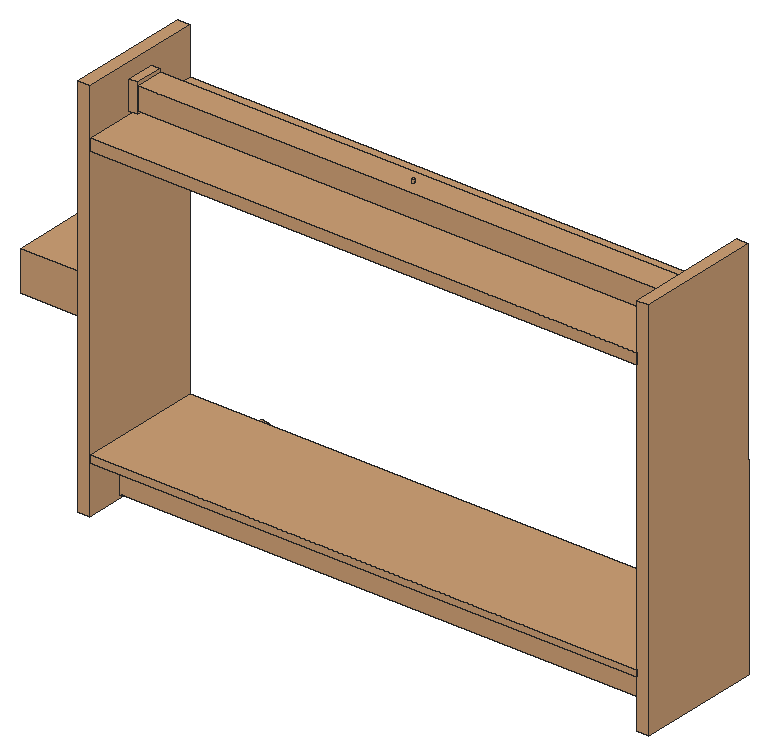
Revit family
Parameters
  Center of Unit = 0' - 0"  # constant formula
  Total Heating Capacity [instance] = 0.0 Btu/h
  Series = "VIFB"
  Outlet Area = 32.20 SF
  Lower Frame Thickness = if(Headers Height = 0' 3", 0' 1 1/4", if(Headers Height = 0' 3 1/4", 0' 1 1/4", 0' 0"))  # 0' - 1 1/4"
  Water Pressure Drop [instance] = 0.00 psi
  Water Flow [instance] = 0 GPM
  Unit Weight (lbs) = 1106
  URL = "http://www.ljwing.com/"
  Water Outlet Radius = 0' - 1 1/2"
  Headers Height = if(M = 0' 1", 0' 3", if(M = 0' 1 1/2", 0' 3 1/4", 0' 0"))  # 0' - 3 1/4"
  Number of Rows = 2  # constant formula
  Number of Coils [instance] = 0
  Nominal Length = 8' - 4 1/2"
  N = 1' - 0 3/4"
  Model = "VC-9W"
  Manufacturer = "LJ Wing"
  M = 0' - 1 1/2"
  Leaving Water Temperature [instance] = 0 °F
  Leaving Air Temperature [instance] = 0 °F
  Entering Water Temperature [instance] = 0 °F
  Entering Air Temperature [instance] = 0 °F
  Description = "Vertical Integral Face & Bypass Water Heating Coils"
  Hot Water Inlet  Radius = 0' - 1 1/2"
  Coil Face Area = Outlet Area * 0.56  # 18.032 SF
  Casing Material = ""
  Assembly Code = "D3020300"
  Air Vent Radius = 0' - 0 1/4"
  Air Pressure Drop [instance] = 0.00 in-wg
  Air Inlet Width = Nominal Length - 0' 4"  # 8' - 0 1/2"
  Air Inlet Height = Y  # 4' - 0"
  Air Flow [instance] = 0 CFM
  Y = 4' - 0"
  S = 0' - 9 3/4"  # constant formula
  Product URL = "http://www.ljwing.com/html/vifb.asp"
  OmniClass = "23-75 70 21 14"
  Nominal Height = 5' - 8"
  Nominal Depth = 1' - 10"
  R = 0' - 10 1/4"  # constant formula
  Q = 0' - 5 1/4"
Reference planes (in)
  plane 1 "Center (Front/Back)": y = 0
  plane 2: z = -24
  plane 3 "Center (Left/Right)": x = 0
  plane 4: z = 34.25
  plane 5: x = -50.25
  plane 6: x = 50.25
  plane 7: z = -33.75
  plane 8: z = 0
  plane 9: y = -11
  plane 10: y = 11
  plane 11: z = 24
  plane 12: z = 26
  plane 13: z = -25.25
  plane 14: x = 48.25
  plane 15: x = -48.25
  plane 16: x = -45
  plane 17: x = 45
  plane 18: y = 14.0625
  plane 19: x = -61.25
  plane 20: z = 31.125
  plane 21: z = 27.125
  plane 22: y = -2.5
  plane 23: y = 2.5
  plane 24: y = -4.5
  plane 25: z = -31.375
  plane 26: x = -37.5
  plane 27: x = 37.5
  plane 28: z = -27.375
Forms (in)
  Extrusion 1, solid, material "Painted Finish"
    sketch origin (0, 6, -9.75) x (1, 0, 0) y (0, 0, 1)
      loop
        line (-50.25, -24) -> (-48.25, -24) -> (-48.25, 44) -> (-50.25, 44) -> (-50.25, -24)
      loop
        line (50.25, -24) -> (50.25, 44) -> (48.25, 44) -> (48.25, -24) -> (50.25, -24)
    from -5 to 17
  Extrusion 2, solid, material "Painted Finish"
    sketch origin (0, 6, 0) x (1, 0, 0) y (0, 0, 1)
      loop
        line (48.25, -24) -> (-48.25, -24) -> (-48.25, -25.25) -> (48.25, -25.25) -> (48.25, -24)
      loop
        line (48.25, 24) -> (48.25, 26) -> (-48.25, 26) -> (-48.25, 24) -> (48.25, 24)
    from -5 to 17
  Extrusion 3, solid, material "Painted Finish"
    sketch origin (0, 10, -0.5) x (1, 0, 0) y (0, 0, 1)
      loop
        line (-50.25, 4) -> (-61.25, 4) -> (-61.25, -3) -> (-50.25, -3) -> (-50.25, 4)
    from 0 to 20
  Extrusion 4, solid, material "Painted Finish"
    sketch origin (0, 6, 0) x (1, 0, 0) y (0, 0, 1)
      loop
        line (-46.625, 31.125) -> (-46.625, 27.125) -> (46.625, 27.125) -> (46.625, 31.125) -> (-46.625, 31.125)
    from 3.5 to 8.5
  Extrusion 5, solid, material "Painted Finish"
    sketch origin (0, 0, 0) x (1, 0, 0) y (0, 0, 1)
      loop
        line (-46.625, 26.625) -> (-46.625, 31.625) -> (-48.25, 31.625) -> (-48.25, 26.625) -> (-46.625, 26.625)
      loop
        line (48.25, 26.625) -> (48.25, 31.625) -> (46.625, 31.625) -> (46.625, 26.625) -> (48.25, 26.625)
    from -2.5 to 2.5
  Extrusion 6, solid, material "Painted Finish"
    sketch origin (0, 6, 0) x (1, 0, 0) y (0, 0, 1)
      loop
        line (-47.75, -25.75) -> (-47.75, -25.5) -> (-48.25, -25.5) -> (-48.25, -29.25) -> (-47.75, -29.25) -> (-47.75, -29) -> (47.75, -29) -> (47.75, -29.25) -> (48.25, -29.25) -> (48.25, -25.5) -> (47.75, -25.5) -> (47.75, -25.75) -> (-47.75, -25.75)
      loop
        line (47.75, -33) -> (47.75, -33.125) -> (48.25, -33.125) -> (48.25, -29.5) -> (47.75, -29.5) -> (47.75, -29.75) -> (-47.75, -29.75) -> (-47.75, -29.5) -> (-48.25, -29.5) -> (-48.25, -33.25) -> (-47.75, -33.25) -> (-47.75, -33) -> (47.75, -33)
    from -5 to 10.5
  Extrusion 7, void
    sketch origin (0, 0, 0) x (1, 0, 0) y (0, 0, 1)
      loop
        line (-48.25, 24) -> (-48.25, -24) -> (48.25, -24) -> (48.25, 24) -> (-48.25, 24)
    from -11 to 11
  Extrusion 8, solid, material "Painted Finish"
    sketch origin (0, 0, 0) x (1, 0, 0) y (0, 0, 1)
      loop
        circle (37.5, -31.375) r 1.5
      loop
        circle (-37.5, -27.375) r 1.5
    from -14.0625 to -11
  Extrusion 9, solid, material "Painted Finish"
    sketch origin (0, 0, 0) x (1, 0, 0) y (0, 1, 0)
      loop
        circle (0, 0) r 0.25
    from 31.125 to 31.625
Cuts and joins
  Extrusion 7 cuts Extrusion 1
  Extrusion 7 cuts Extrusion 2
Dimensions and locks (in)
  "Nominal Length": plane 6 to plane 5
  equal spacing: plane 6, plane 3 "Center (Left/Right)", plane 5
  "S": plane 2 to plane 7
  "Nominal Depth": plane 10 to plane 9
  equal spacing: plane 10, plane 1 "Center (Front/Back)", plane 9
  "Y": plane 11 to plane 2
  "R": plane 4 to plane 11
  locked: plane 12 to plane 11 at 2
  "Lower Frame Thickness": plane 2 to plane 13
  "Q": plane 16 to plane 5
  "Q": plane 6 to plane 17
  locked: plane 18 to plane 10 at 3.0625
  locked: plane 5 to plane 19 at 11
  locked: Extrusion 3 sketch curve to Extrusion 3 sketch curve at 7
  locked: Extrusion 3 to Extrusion 3 at 20
  locked: plane 6 to plane 14 at 2
  locked: plane 15 to plane 5 at 2
  locked: Extrusion 5 sketch curve to plane 20 at 0.5
  locked: plane 21 to Extrusion 5 sketch curve at 0.5
  locked: plane 20 to plane 21 at 4
  locked: plane 23 to plane 22 at 5
  equal spacing: plane 23, plane 1 "Center (Front/Back)", plane 22
  locked: plane 22 to plane 24 at 2
  plane 4 to plane 7 = 5' - 8"
  locked: Extrusion 5 sketch curve to Extrusion 1 at 1.625
  locked: Extrusion 5 sketch curve to Extrusion 5 sketch curve at 1.625
  locked: Extrusion 7 sketch curve to plane 11 at 0
  locked: Extrusion 7 sketch curve to plane 15 at 0
  locked: Extrusion 7 sketch curve to plane 14 at 0
  locked: plane 15 to Extrusion 6 sketch curve at 0.5
  locked: Extrusion 6 sketch curve to Extrusion 6 sketch curve at 0.25  (x2)
  locked: plane 25 to plane 7 at 2.375
  "N": plane 26 to plane 5
  "N": plane 6 to plane 27
  locked: plane 28 to plane 7 at 6.375
  "Headers Height": Extrusion 6 sketch curve to Extrusion 6 sketch curve  (x2)
  locked: Extrusion 8 sketch curve to plane 25 at 0
  locked: Extrusion 8 sketch curve to plane 28 at 0
  locked: Extrusion 9 sketch curve to plane 1 "Center (Front/Back)" at 0
  locked: Extrusion 9 sketch curve to plane 3 "Center (Left/Right)" at 0
  equal spacing: Extrusion 6 sketch curve, plane 28, Extrusion 6 sketch curve
  equal spacing: Extrusion 6 sketch curve, plane 25, Extrusion 6 sketch curve
  locked: plane 4 to plane 20 at 3.125
  locked: Extrusion 7 sketch curve to plane 2 at 0
  equal spacing: plane 11, plane 8, plane 2
  locked: Extrusion 8 sketch curve to plane 27 at 0
  locked: Extrusion 8 sketch curve to plane 26 at 0
  "M": radius of Extrusion 8 sketch curve  (x2)
  "Air Vent Radius": radius of Extrusion 9 sketch curve
  aligned and locked: Extrusion 1 to plane 9
  aligned and locked: Extrusion 1 to plane 10
  aligned and locked: Extrusion 1 to plane 15
  aligned and locked: Extrusion 1 to plane 14
  aligned and locked: Extrusion 2 to plane 9
  aligned and locked: plane 9 to Extrusion 1
  aligned and locked: plane 10 to Extrusion 1  (x2)
  aligned and locked: Extrusion 2 to plane 10
  aligned and locked: plane 10 to Extrusion 2  (x2)
  aligned and locked: plane 9 to Extrusion 2  (x2)
  aligned and locked: plane 5 to Extrusion 3
  aligned and locked: Extrusion 5 sketch curve to plane 15
  aligned and locked: Extrusion 5 sketch curve to Extrusion 4
  aligned and locked: Extrusion 1 to Extrusion 6
  aligned and locked: plane 22 to Extrusion 5
  aligned and locked: Extrusion 5 to Extrusion 4  (x2)
  aligned and locked: Extrusion 5 to plane 23
  aligned and locked: Extrusion 6 to plane 24
  aligned and locked: Extrusion 4 to Extrusion 5  (x2)
  aligned and locked: Extrusion 5 to Extrusion 1  (x2)
  aligned and locked: Extrusion 1 to Extrusion 7  (x2)
  aligned and locked: plane 18 to Extrusion 8
  aligned and locked: Extrusion 8 to plane 10
  aligned and locked: plane 20 to Extrusion 9
  aligned and locked: Extrusion 9 to Extrusion 5
  aligned and locked: plane 2 to cut or joined group of Extrusion 2, Extrusion 7
  aligned and locked: Extrusion 1 sketch curve to plane 6
  aligned and locked: Extrusion 1 sketch curve to plane 14
  aligned and locked: Extrusion 1 sketch curve to plane 15
  aligned and locked: Extrusion 1 sketch curve to plane 5
  aligned and locked: Extrusion 1 sketch curve to plane 4  (x2)
  aligned and locked: plane 7 to Extrusion 1 sketch curve  (x2)
  aligned and locked: Extrusion 2 sketch curve to plane 11
  aligned and locked: Extrusion 2 sketch curve to plane 12
  aligned and locked: plane 2 to Extrusion 2 sketch curve
  aligned and locked: Extrusion 2 sketch curve to plane 13
  aligned and locked: Extrusion 2 sketch curve to plane 14  (x2)
  aligned and locked: Extrusion 2 sketch curve to plane 15  (x2)
  aligned and locked: plane 20 to Extrusion 4 sketch curve
  aligned and locked: Extrusion 4 sketch curve to plane 21
  aligned and locked: Extrusion 6 sketch curve to plane 14  (x2)
  aligned and locked: plane 15 to Extrusion 6 sketch curve  (x2)
Automatic sketch dimensions
  Extrusion 3 sketch curve to plane 19 = 0' - 0"
  Extrusion 3 sketch curve to plane 5 = 0' - 0"
  plane 8 to Extrusion 3 sketch curve = 0' - 3 1/2"
  Extrusion 4 sketch curve to plane 16 = 0' - 1 5/8"
  plane 17 to Extrusion 4 sketch curve = 0' - 1 5/8"
  plane 21 to Extrusion 5 sketch curve = 0' - 0 1/2"
  Extrusion 5 sketch curve to plane 20 = 0' - 0 1/2"
  plane 15 to Extrusion 6 sketch curve = 0' - 0 1/2"  (x2)
  Extrusion 6 sketch curve to Extrusion 6 sketch curve = 0' - 0 1/4"  (x5)
  Extrusion 6 sketch curve to Extrusion 6 sketch curve = 0' - 0"  (x2)
  Extrusion 6 sketch curve to plane 14 = 0' - 0 1/2"  (x2)
  Extrusion 6 sketch curve to Extrusion 6 sketch curve = 0' - 0 1/2"
  Extrusion 6 sketch curve to plane 7 = 0' - 0 5/8"
Connectors (in)
  hvac at (0, -11, 0), driven by "Air Inlet Height", driven by "Air Inlet Width", driven by "Air Flow", driven by "Air Pressure Drop"
    settings: on Extrusion 7, index 1
  hvac at (0, 11, 0), driven by "Air Pressure Drop", driven by "Air Inlet Height", driven by "Air Inlet Width", driven by "Air Flow"
    settings: on Extrusion 7, index 2
  piping at (-37.5, 14.0625, -27.375), driven by "M", driven by "Water Flow", driven by "Water Pressure Drop"
    settings: on Extrusion 8, index 4
  piping at (37.5, 14.0625, -31.375), driven by "Water Pressure Drop", driven by "Water Flow", driven by "M"
    settings: on Extrusion 8, index 5
